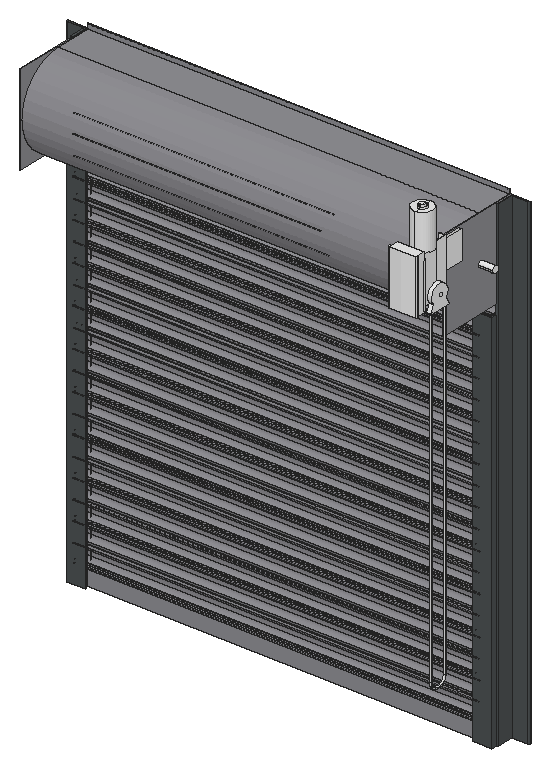
Revit family "EverGuard-Forced-Entry-Shelter-Door_OHD_Model-610FE_compact", category Specialty Equipment, host Wall, Revit 2023 (continued)
Definition of nested family "610F"
  Forms (in)
    Extrusion 1, solid, material <- "Panel Material"
      sketch origin (0, -4.98186, 18.03575) x (0, 1, 0) y (0, 0, 1)
        loop
          arc (5.92872, -12.21459) -> (5.88398, -11.54724) -> (5.30212, -11.21741) r 0.70521
          arc (5.30212, -11.21741) -> (5.06799, -11.01281) -> (5.22797, -10.7462) r 0.24232
          arc (5.22797, -10.7462) -> (6.0686, -10.12901) -> (6.41479, -9.14527) r 1.76704
          arc (6.41479, -9.14527) -> (6.37372, -8.27547) -> (6.1844, -7.42553) r 5.06884
          arc (6.1844, -7.42553) -> (5.94264, -7.02466) -> (5.54432, -6.77873) r 0.99486
          arc (5.54432, -6.77873) -> (5.26621, -6.60372) -> (5.1038, -6.31807) r 0.67448
          arc (5.1038, -6.31807) -> (5.58774, -6.46687) -> (5.95602, -6.11945) r 0.50309
          arc (5.95602, -6.11945) -> (5.8503, -5.5103) -> (5.30212, -5.22441) r 0.69757
          arc (5.30212, -5.22441) -> (5.06799, -5.01981) -> (5.22797, -4.7532) r 0.24232
          arc (5.22797, -4.7532) -> (6.0686, -4.136) -> (6.41479, -3.15227) r 1.76704
          arc (6.41479, -3.15227) -> (6.37372, -2.28247) -> (6.1844, -1.43253) r 5.06884
          arc (6.1844, -1.43253) -> (5.94264, -1.03166) -> (5.54432, -0.78573) r 0.99486
          arc (5.54432, -0.78573) -> (5.26621, -0.61072) -> (5.1038, -0.32507) r 0.67448
          arc (5.1038, -0.32507) -> (5.96009, -0.08908) -> (5.14423, 0.26204) r 0.47069
          arc (5.14423, 0.26204) -> (4.98628, -0.3629) -> (5.42353, -0.83652) r 0.67657
          arc (5.42353, -0.83652) -> (5.86585, -1.12411) -> (6.11827, -1.58739) r 1.07588
          arc (6.11827, -1.58739) -> (6.26595, -2.36718) -> (6.3129, -3.15945) r 6.20586
          arc (6.3129, -3.15945) -> (6.00497, -4.09596) -> (5.20687, -4.67466) r 1.60144
          arc (5.20687, -4.67466) -> (4.98511, -5.03038) -> (5.29733, -5.31008) r 0.32578
          arc (5.29733, -5.31008) -> (5.67797, -5.45412) -> (5.8903, -5.80132) r 0.62781
          arc (5.8903, -5.80132) -> (5.53471, -5.58115) -> (5.14423, -5.73096) r 0.47069
          arc (5.14423, -5.73096) -> (4.98628, -6.35591) -> (5.42353, -6.82953) r 0.67657
          arc (5.42353, -6.82953) -> (5.86585, -7.11711) -> (6.11827, -7.5804) r 1.07588
          arc (6.11827, -7.5804) -> (6.26595, -8.36019) -> (6.3129, -9.15245) r 6.20586
          arc (6.3129, -9.15245) -> (6.00497, -10.08896) -> (5.20687, -10.66766) r 1.60144
          arc (5.20687, -10.66766) -> (4.98511, -11.02339) -> (5.29733, -11.30309) r 0.32578
          arc (5.29733, -11.30309) -> (5.67797, -11.44712) -> (5.8903, -11.79432) r 0.62781
          arc (5.8903, -11.79432) -> (5.53471, -11.57415) -> (5.14423, -11.72397) r 0.47069
          arc (5.14423, -11.72397) -> (4.98628, -12.34891) -> (5.42353, -12.82253) r 0.67657
          arc (5.42353, -12.82253) -> (5.86585, -13.11012) -> (6.11827, -13.5734) r 1.07588
          arc (6.11827, -13.5734) -> (6.26595, -14.35319) -> (6.3129, -15.14545) r 6.20586
      from -61.8125 to 61.8125
  Lines and regions (in)
    reference lines
      curve 1: line (0, -4.98186, 17.979) -> (0, 10.8957, 17.979)
  Dimensions and locks (in)
    equal spacing: plane 4, plane 3 "Center (Left/Right)", plane 5
    "Opening Width": plane 4 to plane 5
    "Slat Width": plane 1 "Center (Front/Back)" to plane 6
    equal spacing: plane 1 "Center (Front/Back)", plane 8, plane 6
    "Slat Position": curve 1 to level
    aligned and locked: plane 2 to level
    aligned and locked: plane 1 "Center (Front/Back)" to plane 7
    aligned and locked: plane 5 to Extrusion 1
    aligned and locked: plane 4 to Extrusion 1
  Automatic sketch dimensions
    plane 1 "Center (Front/Back)" to curve 1 = 4.98186"
    curve 1 to plane 6 = 9.4577"
    curve 1 to Extrusion 1 sketch curve = 0.10711"  (x3)
    Extrusion 1 sketch curve to Extrusion 1 sketch curve = 1.24265"  (x3)
    Extrusion 1 sketch curve to Extrusion 1 sketch curve = 3.29932"  (x3)
    Extrusion 1 sketch curve to Extrusion 1 sketch curve = 0.0624"  (x3)
    Extrusion 1 sketch curve to Extrusion 1 sketch curve = 0.42706"  (x3)
    Extrusion 1 sketch curve to Extrusion 1 sketch curve = 0.15937"  (x3)
    Extrusion 1 sketch curve to Extrusion 1 sketch curve = 0.04195"  (x2)
    curve 1 to Extrusion 1 sketch curve = 5.88083"
    Extrusion 1 sketch curve to Extrusion 1 sketch curve = 0.56597"
    Extrusion 1 sketch curve to Extrusion 1 sketch curve = 0.00942"
    Extrusion 1 sketch curve to Extrusion 1 sketch curve = 0.00958"  (x2)
    Extrusion 1 sketch curve to Extrusion 1 sketch curve = 0.02032"  (x2)
    Extrusion 1 sketch curve to Extrusion 1 sketch curve = 0.02049"
    Extrusion 1 sketch curve to Extrusion 1 sketch curve = 0.00028"  (x3)
    Extrusion 1 sketch curve to Extrusion 1 sketch curve = 0.18651"
    Extrusion 1 sketch curve to Extrusion 1 sketch curve = 0.20024"
    Extrusion 1 sketch curve to Extrusion 1 sketch curve = 0.00341"
    Extrusion 1 sketch curve to Extrusion 1 sketch curve = 0.25501"
    Extrusion 1 sketch curve to Extrusion 1 sketch curve = 0.01698"
    Extrusion 1 sketch curve to Extrusion 1 sketch curve = 0.20349"
    Extrusion 1 sketch curve to Extrusion 1 sketch curve = 0.15147"  (x3)
    Extrusion 1 sketch curve to Extrusion 1 sketch curve = 0.11169"  (x3)
    Extrusion 1 sketch curve to Extrusion 1 sketch curve = 0.03933"
    Extrusion 1 sketch curve to Extrusion 1 sketch curve = 0.07284"
    Extrusion 1 sketch curve to Extrusion 1 sketch curve = 0.08781"  (x2)
    Extrusion 1 sketch curve to Extrusion 1 sketch curve = 0.05163"  (x3)
    curve 1 to Extrusion 1 sketch curve = 7.6677"
    Extrusion 1 sketch curve to Extrusion 1 sketch curve = 0.12333"  (x3)
    Extrusion 1 sketch curve to curve 1 = 8.89176"
    Extrusion 1 sketch curve to Extrusion 1 sketch curve = 1.2289"  (x3)
    Extrusion 1 sketch curve to curve 1 = 9.06596"
    Extrusion 1 sketch curve to Extrusion 1 sketch curve = 0.06809"  (x3)
    Extrusion 1 sketch curve to Extrusion 1 sketch curve = 1.83037"  (x3)
    Extrusion 1 sketch curve to Extrusion 1 sketch curve = 0.00232"  (x3)
    Extrusion 1 sketch curve to Extrusion 1 sketch curve = 0.94498"
    Extrusion 1 sketch curve to Extrusion 1 sketch curve = 0.00814"
    Extrusion 1 sketch curve to Extrusion 1 sketch curve = 0.09114"
    Extrusion 1 sketch curve to Extrusion 1 sketch curve = 0.02917"
    Extrusion 1 sketch curve to Extrusion 1 sketch curve = 1.53525"  (x2)
    Extrusion 1 sketch curve to curve 1 = 14.88477"
    Extrusion 1 sketch curve to curve 1 = 15.05896"
    Extrusion 1 sketch curve to Extrusion 1 sketch curve = 0.93734"  (x2)
    Extrusion 1 sketch curve to Extrusion 1 sketch curve = 0.01577"  (x2)
    Extrusion 1 sketch curve to Extrusion 1 sketch curve = 0.12795"
    Extrusion 1 sketch curve to curve 1 = 3.07295"
    Extrusion 1 sketch curve to Extrusion 1 sketch curve = 0.17419"
    Extrusion 1 sketch curve to Extrusion 1 sketch curve = 0.13944"
    Extrusion 1 sketch curve to Extrusion 1 sketch curve = 0.17365"  (x2)
    Extrusion 1 sketch curve to Extrusion 1 sketch curve = 99/256"
    Extrusion 1 sketch curve to Extrusion 1 sketch curve = 0.14264"
    Extrusion 1 sketch curve to Extrusion 1 sketch curve = 0.34629"
    Extrusion 1 sketch curve to Extrusion 1 sketch curve = 0"  (x28)
    Extrusion 1 sketch curve to Extrusion 1 sketch curve = 0.14281"
    Extrusion 1 sketch curve to Extrusion 1 sketch curve = 0.10049"  (x3)
    Extrusion 1 sketch curve to Extrusion 1 sketch curve = 0.02111"  (x3)
    Extrusion 1 sketch curve to Extrusion 1 sketch curve = 0.12078"
    curve 1 to Extrusion 1 sketch curve = 6.72198"
Definition of nested family "Label Annotation 1"
  Parameters (values of type "Label Annotation 1-8")
    Label = "Area is too big. Please reduce Door Size."
  Reference planes (in)
    plane 1: y = 0
    plane 2: x = 0
  Text (in)
    label "Label" at (0.00375, -0.00345, 0), shows "Label"
Definition of nested family "Warning Sign"
  Parameters (values of type "Warning Sign")
    Warning Sign [instance] = no
    Default Elevation = 48"
  Reference planes (in)
    plane 1 "Center (Front/Back)": y = 0
    plane 2: z = 0
    plane 3 "Center (Left/Right)": x = 0
    plane 4: y = 0.5
    plane 5: y = -0.5
    plane 6: y = 1
    plane 7: y = 0.25
  Lines and regions (in)
    model lines
      curve 1: line (-2.26129, 1, 45.69444) -> (-26.3817, 1, 3.91667)
      curve 2: line (-25.25106, 1, 3.26389) -> (-1.13064, 1, 45.04167)
      curve 3: arc (2.26129, 1, 45.69444) -> (0, 1, 47) -> (-2.26129, 1, 45.69444) r 2.61111
      curve 4: arc (-1.13064, 1, 45.04167) -> (0, 1, 45.69444) -> (1.13064, 1, 45.04167) r 1.30556
      curve 5: line (1.13064, 1, 45.04167) -> (25.25106, 1, 3.26389)
      curve 6: line (26.3817, 1, 3.91667) -> (2.26129, 1, 45.69444)
      curve 7: arc (25.25106, 1, 3.26389) -> (25.25106, 1, 1.95833) -> (24.12041, 1, 1.30556) r 1.30556
      curve 8: arc (24.12041, 1, 0) -> (26.3817, 1, 1.30556) -> (26.3817, 1, 3.91667) r 2.61111
      curve 9: line (24.12041, 1, 1.30556) -> (-24.12041, 1, 1.30556)
      curve 10: line (-24.12041, 1, 0) -> (24.12041, 1, 0)
      curve 11: arc (-24.12041, 1, 1.30556) -> (-25.25106, 1, 1.95833) -> (-25.25106, 1, 3.26389) r 1.30556
      curve 12: arc (-26.3817, 1, 3.91667) -> (-26.3817, 1, 1.30556) -> (-24.12041, 1, 0) r 2.61111
      curve 13: arc (-2.29479, 1, 8.63537) -> (0, 1, 6.34057) -> (2.29479, 1, 8.63537) r 2.29479
      curve 14: arc (2.29479, 1, 8.63537) -> (0, 1, 10.93016) -> (-2.29479, 1, 8.63537) r 2.29479
      curve 15: arc (-1.6331, 1, 13.97069) -> (0.03439, 1, 12.53727) -> (1.69278, 1, 13.98121) r 1.68043
      curve 16: line (-3.77413, 1, 28.37873) -> (-1.6331, 1, 13.97069)
      curve 17: line (1.69278, 1, 13.98121) -> (3.73924, 1, 28.37873)
      curve 18: arc (3.73924, 1, 28.37873) -> (-0.01745, 1, 32.13541) -> (-3.77413, 1, 28.37873) r 3.75668
      curve 19: line (-2.26129, -0.5, 45.69444) -> (-26.3817, -0.5, 3.91667)
      curve 20: line (-25.25106, -0.5, 3.26389) -> (-1.13064, -0.5, 45.04167)
      curve 21: arc (2.26129, -0.5, 45.69444) -> (0, -0.5, 47) -> (-2.26129, -0.5, 45.69444) r 2.61111
      curve 22: arc (-1.13064, -0.5, 45.04167) -> (0, -0.5, 45.69444) -> (1.13064, -0.5, 45.04167) r 1.30556
      curve 23: line (1.13064, -0.5, 45.04167) -> (25.25106, -0.5, 3.26389)
      curve 24: line (26.3817, -0.5, 3.91667) -> (2.26129, -0.5, 45.69444)
      curve 25: arc (25.25106, -0.5, 3.26389) -> (25.25106, -0.5, 1.95833) -> (24.12041, -0.5, 1.30556) r 1.30556
      curve 26: arc (24.12041, -0.5, 0) -> (26.3817, -0.5, 1.30556) -> (26.3817, -0.5, 3.91667) r 2.61111
      curve 27: line (24.12041, -0.5, 1.30556) -> (-24.12041, -0.5, 1.30556)
      curve 28: line (-24.12041, -0.5, 0) -> (24.12041, -0.5, 0)
      curve 29: arc (-24.12041, -0.5, 1.30556) -> (-25.25106, -0.5, 1.95833) -> (-25.25106, -0.5, 3.26389) r 1.30556
      curve 30: arc (-26.3817, -0.5, 3.91667) -> (-26.3817, -0.5, 1.30556) -> (-24.12041, -0.5, 0) r 2.61111
      curve 31: arc (-2.29479, -0.5, 8.63537) -> (0, -0.5, 6.34057) -> (2.29479, -0.5, 8.63537) r 2.29479
      curve 32: arc (2.29479, -0.5, 8.63537) -> (0, -0.5, 10.93016) -> (-2.29479, -0.5, 8.63537) r 2.29479
      curve 33: arc (-1.6331, -0.5, 13.97069) -> (0.03439, -0.5, 12.53727) -> (1.69278, -0.5, 13.98121) r 1.68043
      curve 34: line (-3.77413, -0.5, 28.37873) -> (-1.6331, -0.5, 13.97069)
      curve 35: line (1.69278, -0.5, 13.98121) -> (3.73924, -0.5, 28.37873)
      curve 36: arc (3.73924, -0.5, 28.37873) -> (-0.01745, -0.5, 32.13541) -> (-3.77413, -0.5, 28.37873) r 3.75668
  Dimensions and locks (in)
    locked: plane 1 "Center (Front/Back)" to plane 4 at 0.5
    equal spacing: plane 1 "Center (Front/Back)", plane 7, plane 4
    locked: plane 4 to plane 6 at 0.5
    locked: plane 5 to plane 1 "Center (Front/Back)" at 0.5
    aligned and locked: plane 2 to level
  Automatic sketch dimensions
    curve 21 to curve 22 = 0"  (x2)
    curve 25 to curve 26 = 0"  (x2)
    curve 29 to curve 30 = 0"  (x2)
    curve 31 to curve 32 = 0"  (x2)
    curve 21 to plane 3 "Center (Left/Right)" = 0"
    curve 31 to plane 3 "Center (Left/Right)" = 0"
    curve 30 to level = 0"
    level to curve 27 = 1.30556"
    curve 26 to curve 27 = 1.30556"
    curve 29 to curve 27 = 1.30556"
    curve 23 to curve 25 = 0.65278"
    curve 20 to curve 29 = 0.65278"
    curve 24 to curve 23 = 0.65278"
    curve 19 to curve 20 = 0.65278"
    level to curve 32 = 8.63537"
    curve 34 to plane 3 "Center (Left/Right)" = 1.6331"
    curve 34 to curve 31 = 5.33532"
    plane 3 "Center (Left/Right)" to curve 35 = 1.69278"
    curve 35 to curve 34 = 0.01052"
    plane 3 "Center (Left/Right)" to curve 33 = 0.02908"
    curve 36 to plane 3 "Center (Left/Right)" = 0.01745"
    curve 36 to curve 33 = 14.16104"
    curve 22 to curve 36 = 16.01016"
    plane 3 "Center (Left/Right)" to curve 23 = 1.13064"
    curve 23 to curve 21 = 0.65278"
    curve 20 to plane 3 "Center (Left/Right)" = 1.13064"
    plane 3 "Center (Left/Right)" to curve 24 = 2.26129"
    curve 24 to curve 22 = 0.65278"
    curve 19 to plane 3 "Center (Left/Right)" = 2.26129"
    curve 34 to curve 36 = 3.75668"
    curve 30 to plane 3 "Center (Left/Right)" = 24.12041"
    plane 3 "Center (Left/Right)" to curve 25 = 24.12041"
    curve 31 to curve 31 = 2.29479"
    curve 3 to curve 4 = 0"  (x2)
    curve 7 to curve 8 = 0"  (x2)
    curve 11 to curve 12 = 0"  (x2)
    curve 13 to curve 14 = 0"  (x2)
    curve 3 to plane 3 "Center (Left/Right)" = 0"
    curve 13 to plane 3 "Center (Left/Right)" = 0"
    curve 12 to level = 0"
    level to curve 9 = 1.30556"
    curve 8 to curve 9 = 1.30556"
    curve 11 to curve 9 = 1.30556"
    curve 5 to curve 7 = 0.65278"
    curve 2 to curve 11 = 0.65278"
    curve 6 to curve 5 = 0.65278"
    curve 1 to curve 2 = 0.65278"
    level to curve 14 = 8.63537"
    curve 16 to plane 3 "Center (Left/Right)" = 1.6331"
    curve 16 to curve 13 = 5.33532"
    plane 3 "Center (Left/Right)" to curve 17 = 1.69278"
    curve 17 to curve 16 = 0.01052"
    plane 3 "Center (Left/Right)" to curve 15 = 0.02908"
    curve 18 to plane 3 "Center (Left/Right)" = 0.01745"
    curve 18 to curve 15 = 14.16104"
    curve 4 to curve 18 = 16.01016"
    plane 3 "Center (Left/Right)" to curve 5 = 1.13064"
    curve 5 to curve 3 = 0.65278"
    curve 2 to plane 3 "Center (Left/Right)" = 1.13064"
    plane 3 "Center (Left/Right)" to curve 6 = 2.26129"
    curve 6 to curve 4 = 0.65278"
    curve 1 to plane 3 "Center (Left/Right)" = 2.26129"
    curve 16 to curve 18 = 3.75668"
    curve 12 to plane 3 "Center (Left/Right)" = 24.12041"
    plane 3 "Center (Left/Right)" to curve 7 = 24.12041"
    curve 13 to curve 13 = 2.29479"
Types (7): name | Voltage | Number of Poles | Apparent Load Phase 3 | Apparent Load Phase 2 | Apparent Load Phase 1
  115 volts, one phase, 60 Hz (110-120V range) | 115 V | 1 | 0 VA | 0 VA | 2300 VA
  230 volts, three phase, 60 Hz (208-245V range) | 230 V | 3 | 2655.81 VA | 2655.81 VA | 2655.81 VA
  230 volts, single phase, 60 Hz (208-245V range) | 230 V | 1 | 0 VA | 0 VA | 4600 VA
  460 volts, three phase, 60 Hz (456-495V range) | 460 V | 3 | 5311.62 VA | 5311.62 VA | 5311.62 VA
  208 volts, one phase, 60 Hz (190-207V range) | 208 V | 1 | 0 VA | 0 VA | 4160 VA
  208 volts, three phase, 60 Hz (190-207V range) | 208 V | 3 | 2401.78 VA | 2401.78 VA | 2401.78 VA
  575 volts, three phase, 60 Hz | 575 V | 3 | 6639.53 VA | 6639.53 VA | 6639.53 VA
